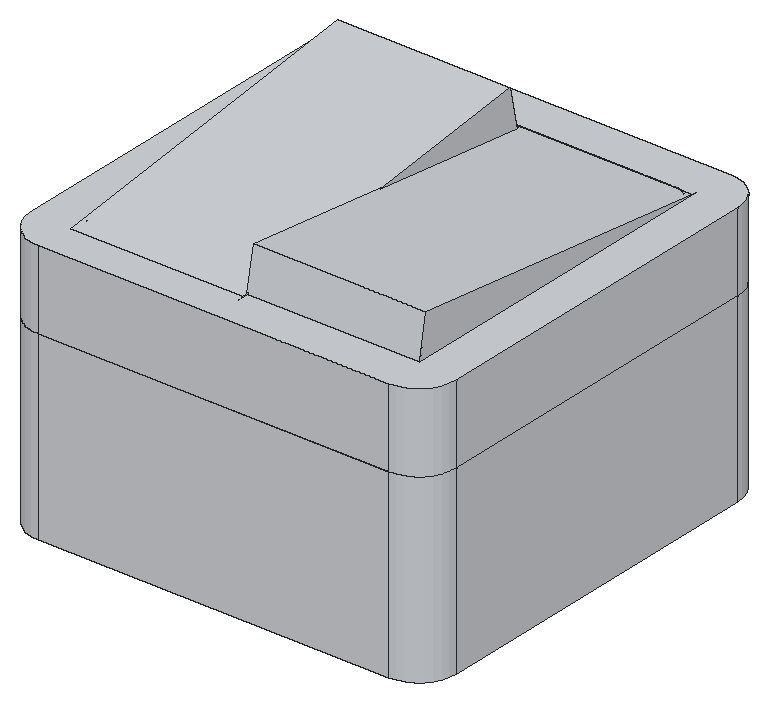
Revit family "ElectricalFixture_Hager_IP66WallSwitches", category Lighting Fixtures, host Face, Revit 2015
Parameters (values of type "WXPPS22")
  _DistributedBy = "www.bimstore.co.uk"
  _CurrentRevision = 0
  _CreatedBy = "MajentaSolutions"
  _BimstoreBibleVersion = "V14"
  _BimSpecGuid = 0
  _Author = "MajentaSolutions"
  WarrantyStartDate [instance] = ""
  WarrantyGuarantorParts = "10"
  WarrantyGuarantorLabor = ""
  WarrantyDurationUnit = "Years"
  WarrantyDurationParts = 10
  WarrantyDurationLabor = 0
  WarrantyDescription = "See Manufacturer"
  Voltage = "230V/240V"
  URL = "http://www.hager.co.uk/"
  TypeName = "ElectricalFixture_IP66WallSwitches_WXPPS12"
  Type Comments = Model  # "WXPPS22"
  Two Way = yes
  TagNumber [instance] = ""
  Switch Width = 0 mm
  Switch Height = 0 mm
  Switch Distance From Right [instance] = 18 mm
  Switch = yes
  SustainabilityPerformance = ""
  Supply Phase = "1"
  Size = ""
  Shape = "Rectangular"
  ServiceLifeDuration = 0
  SerialNumber [instance] = EAN  # "3250617260053"
  ReplacementCost = 0
  One Way = no
  NominalWidth = 64.09 mm
  NominalLength = 90 mm
  NominalHeight = 90 mm
  NominalDepth = Extrusion From Wall + Back Plate Depth  # 55.499 mm
  NBSReference = ClassificationValue  # "Pr_65_72_97"
  NBSOfficeMasterTag = "n/a"
  NBSObjectName = "Hager_IP66WallSwitches_WXPPS22"
  NBSNote = ""
  NBSDescription = Category  # "ElectricalFixture"
  ModelReference = Model  # "WXPPS22"
  ModelNumber = Model  # "WXPPS22"
  ModelLabel = ""
  Model = "WXPPS22"
  Material = "Urea Formaldehyde Thermoset Plastic"
  ManufacturerName = "Hager"
  Manufacturer = "Hager"
  LED Indicator Switch = no
  Keynote = "16400"
  InstallationDate [instance] = ""
  IfcExportType = "ElectricalFixture"
  IfcExportAs = "ElectricalFixture"
  Grade = ""
  Frequency = "50/60Hz"
  Finish = ""
  Features = Description  # "IP6610AX2Gang2WaySwitch"
  Extrusion From Wall = 16.6 mm
  ExpectedLife = 25
  EAN = "3250617260053"
  DurationUnit = "Years"
  DocumentationTechnical = "http://www.hager.co.uk/product-catalogue/energy-distribution/consumer-units/design-range-of-consumer-units/design-30/51045.htm"
  DocumentationMaintenance = ""
  DocumentationLiterature = "http://www.hager.co.uk/product-catalogue/wiring-accessories/sollysta/38662.htm"
  DocumentationInstallationGuide = ""
  DocumentationCertificates = "http://www.hager.co.uk/product-catalogue/wiring-accessories/sollysta/38662.htm"
  Description = "IP6610AX2Gang2WaySwitch"
  Default Elevation = 500 mm
  CreatedOn = "12.06.17"
  CreatedBy = "MajentaSolutions"
  Constituents = ""
  Colour = "RAL9010WhiteGloss"
  CodePerformance = ""
  ClassificationValue = "Pr_65_72_97"
  ClassificationName = "Uniclass2015"
  Category = "ElectricalFixture"
  BarCode [instance] = ""
  Back Plate Width = 90 mm
  Back Plate Height = 90 mm
  Back Plate Depth = 38.899 mm
  BIMObjectName = "Hager_ElectricalFixture_WXPPS22"
  AssetType = "Fixed"
  AssetIdentifier [instance] = ""
  Assembly Code = ""
  AccessibilityPerformance = ""
  2 Gang = yes
  1Gang = no
Types (4, lengths in mm): name | TypeName | Type Comments | Two Way | SerialNumber | One Way | NBSObjectName | ModelReference | ModelNumber | Model | LED Indicator Switch | Features | EAN | Description | BIMObjectName | 2 Gang | 1Gang
  WXPPS12 | "ElectricalFixture_IP66WallSwitches_WXPPS12" | "WXPPS12" | yes | "3250617260039" | no | "Hager_IP66WallSwitches_WXPPS12" | "WXPPS12" | "WXPPS12" | "WXPPS12" | no | "IP6610AX1Gang2WaySwitch" | "3250617260039" | "IP6610AX1Gang2WaySwitch" | "Hager_ElectricalFixture_WXPPS12" | no | yes
  WXPPS22 | "ElectricalFixture_IP66WallSwitches_WXPPS12" | "WXPPS22" | yes | "3250617260053" | no | "Hager_IP66WallSwitches_WXPPS22" | "WXPPS22" | "WXPPS22" | "WXPPS22" | no | "IP6610AX2Gang2WaySwitch" | "3250617260053" | "IP6610AX2Gang2WaySwitch" | "Hager_ElectricalFixture_WXPPS22" | yes | no
  WXPPS12B | "ElectricalFixture_IP66WallSwitches_WXPPS12B" | "WXPPS12B" | yes | "3250617260039" | no | "Hager_IP66WallSwitches_WXPPS12B" | "WXPPS12B" | "WXPPS12B" | "WXPPS12B" | no | "IP6610AX1GangPressBellSwitch" | "3250617260039" | "IP6610AX1GangPressBellSwitch" | "Hager_ElectricalFixture_WXPPS12B" | no | yes
  WXPDP84 | "ElectricalFixture_IP66WallSwitches_WXPDP84" | "WXPDP84" | no | "3250617260008" | yes | "Hager_IP66WallSwitches_WXPDP84" | "WXPDP84" | "WXPDP84" | "WXPDP84" | yes | "IP6620A1Gang1WayDoublePoleSwitch" | "3250617260008" | "IP6620A1Gang1WayDoublePoleSwitch" | "Hager_ElectricalFixture_WXPDP84" | no | yes
Reference planes
  plane 1 "Center (Front/Back)": y = 0
  plane 2: z = 0
  plane 3 "Center (Left/Right)": x = 0
  plane 4: y = 45.6
  plane 5: y = -44.4
  plane 6: z = 0
  plane 7: z = 0
  plane 8: x = -45
  plane 9: x = 45
  plane 10: x = -36.3
  plane 11: y = 36.661
  plane 12: x = 36.3
  plane 13: y = -35.611
  plane 14: z = -39
  plane 15: z = -0.101
  plane 16: z = 16.499
  plane 17: z = 25.09
  plane 18: z = -39
Forms (mm)
  Extrusion 1, solid
    sketch origin (0, 0, 0) x (1, 0, 0) y (0, 1, 0)
      loop
        line (-45, 37.569) -> (-45, -36.258)
        arc (-45, -36.258) -> (-42.615, -42.015) -> (-36.858, -44.4) r 8.142
        line (-36.858, -44.4) -> (37.092, -44.4)
        arc (37.092, -44.4) -> (42.684, -42.084) -> (45, -36.492) r 7.908
        line (45, -36.492) -> (45, 37.624)
        arc (45, 37.624) -> (42.664, 43.264) -> (37.024, 45.6) r 7.976
        line (37.024, 45.6) -> (-36.969, 45.6)
        arc (-36.969, 45.6) -> (-42.648, 43.248) -> (-45, 37.569) r 8.031
    from -39 to -0.101
  Extrusion 2, solid, detail levels fine
    sketch origin (0, 0, 500) x (0, -1, 0) y (-1, 0, 0)
      loop
        arc (-37.569, 45) -> (-43.248, 42.648) -> (-45.6, 36.969) r 8.031
        line (-45.6, 36.969) -> (-45.6, -37.024)
        arc (-45.6, -37.024) -> (-43.264, -42.664) -> (-37.624, -45) r 7.976
        line (-37.624, -45) -> (36.492, -45)
        arc (36.492, -45) -> (42.084, -42.684) -> (44.4, -37.092) r 7.908
        line (44.4, -37.092) -> (44.4, 36.858)
        arc (44.4, 36.858) -> (42.015, 42.615) -> (36.258, 45) r 8.142
        line (36.258, 45) -> (-37.569, 45)
      loop
        arc (-36.661, -32.434) -> (-35.529, -35.168) -> (-32.795, -36.3) r 3.866
        line (-32.795, -36.3) -> (30.998, -36.3)
        arc (30.998, -36.3) -> (34.26, -34.949) -> (35.611, -31.686) r 4.614
        line (35.611, -31.686) -> (35.611, 31.737)
        arc (35.611, 31.737) -> (34.275, 34.964) -> (31.048, 36.3) r 4.563
        line (31.048, 36.3) -> (-32.892, 36.3)
        arc (-32.892, 36.3) -> (-35.557, 35.196) -> (-36.661, 32.531) r 3.769
        line (-36.661, 32.531) -> (-36.661, -32.434)
    from 483.501 to 500.101
  Extrusion 3, solid, visible <- "1Gang", detail levels fine
    sketch origin (0, 0, 0) x (0, 1, 0) y (0, 0, 1)
      loop
        line (39.278, 16.155) -> (-33.658, 25.11) -> (-35.745, 15.292) -> (37.191, 6.336) -> (39.278, 16.155)
    from -36.3 to 36.3
  Extrusion 4, solid, visible <- "2 Gang", detail levels fine
    sketch origin (-90, 0, 0) x (0, 1, 0) y (0, 0, -1)
      loop
        line (39.278, -16.155) -> (37.191, -6.336) -> (-35.745, -15.292) -> (-33.658, -25.11) -> (39.278, -16.155)
    from -126.3 to -90
  Extrusion 5, solid, visible <- "2 Gang", detail levels fine
    sketch origin (90, 0, 0) x (0, -1, 0) y (0, 0, -1)
      loop
        line (39.278, -16.155) -> (37.191, -6.336) -> (-35.745, -15.292) -> (-33.658, -25.11) -> (39.278, -16.155)
    from -126.3 to -90
  Extrusion 6, solid, detail levels medium
    sketch origin (0, 0, 0) x (1, 0, 0) y (0, 1, 0)
      loop
        line (-45, 45.6) -> (-45, -44.4) -> (45, -44.4) -> (45, 45.6) -> (-45, 45.6)
    from -39 to 25.09
Lines and regions (mm)
  symbolic lines, visible <- "Two Way", not visible, detail levels coarse
    curve 1: line (7.461, 0, 21.368) -> (-7.539, 0, 21.368)
    curve 2: line (-7.539, 0, 21.368) -> (7.461, 0, 41.274)
    curve 3: arc (7.461, 0, 41.274) -> (-0.039, 0, 48.774) -> (-7.539, 0, 41.274) r 7.5
  symbolic lines, not visible, detail levels coarse
    curve 4: circle (-22.767, 0, 31.306) r 10.367 normal (0, -1, 0)
    curve 5: line (-12.4, 0, 31.306) -> (32.6, 0, 31.306)
  symbolic lines, detail levels coarse
    curve 6: circle (22.767, 0, 31.306) r 10.367 normal (0, 1, 0)
    curve 7: line (12.4, 0, 31.306) -> (-32.6, 0, 31.306)
  symbolic lines, visible <- "Two Way", detail levels coarse
    curve 8: line (-7.461, 0, 21.368) -> (7.539, 0, 21.368)
    curve 9: line (7.539, 0, 21.368) -> (-7.461, 0, 41.274)
    curve 10: arc (-7.461, 0, 41.274) -> (0.039, 0, 48.774) -> (7.539, 0, 41.274) r 7.5
  model lines
    curve 11: line (-45, 37.569, 0) -> (-45, -36.258, 0)
    curve 12: arc (-45, -36.258, 0) -> (-42.615, -42.015, 0) -> (-36.858, -44.4, 0) r 8.142
    curve 13: line (-36.858, -44.4, 0) -> (37.092, -44.4, 0)
    curve 14: arc (37.092, -44.4, 0) -> (42.684, -42.084, 0) -> (45, -36.492, 0) r 7.908
    curve 15: line (45, -36.492, 0) -> (45, 37.624, 0)
    curve 16: arc (45, 37.624, 0) -> (42.664, 43.264, 0) -> (37.024, 45.6, 0) r 7.976
    curve 17: line (37.024, 45.6, 0) -> (-36.969, 45.6, 0)
    curve 18: arc (-36.969, 45.6, 0) -> (-42.648, 43.248, 0) -> (-45, 37.569, 0) r 8.031
    curve 19: line (31.686, -35.611, 0) -> (-31.737, -35.611, 0)
    curve 20: arc (-31.737, -35.611, 0) -> (-34.964, -34.275, 0) -> (-36.3, -31.048, 0) r 4.563
    curve 21: line (-36.3, -31.048, 0) -> (-36.3, 32.892, 0)
    curve 22: arc (-36.3, 32.892, 0) -> (-35.196, 35.557, 0) -> (-32.531, 36.661, 0) r 3.769
    curve 23: line (-32.531, 36.661, 0) -> (32.434, 36.661, 0)
    curve 24: arc (32.434, 36.661, 0) -> (35.168, 35.529, 0) -> (36.3, 32.795, 0) r 3.866
    curve 25: line (36.3, 32.795, 0) -> (36.3, -30.998, 0)
    curve 26: arc (36.3, -30.998, 0) -> (34.949, -34.26, 0) -> (31.686, -35.611, 0) r 4.614
  model lines, visible <- "2 Gang"
    curve 27: line (0, 39.278, 0) -> (0, -35.611, 0)
Dimensions and locks
  "NominalHeight": plane 4 to plane 5
  equal spacing: plane 8, plane 3 "Center (Left/Right)", plane 9
  "NominalLength": plane 8 to plane 9
  "Back Plate Depth": plane 15 to plane 14
  "Extrusion From Wall": plane 16 to plane 15
  "NominalWidth": plane 17 to plane 14
  plane 7 to plane 14 = 39 mm
  aligned and locked: plane 2 to host face
  aligned and locked: level to host face
  aligned and locked: Extrusion 1 sketch curve to plane 8
  aligned and locked: Extrusion 1 sketch curve to plane 5
  aligned and locked: Extrusion 1 sketch curve to plane 9
  aligned and locked: Extrusion 1 sketch curve to plane 4
  aligned and locked: Extrusion 2 sketch curve to plane 8
  aligned and locked: Extrusion 2 sketch curve to plane 10
  aligned and locked: Extrusion 2 sketch curve to plane 11
  aligned and locked: Extrusion 2 sketch curve to plane 4
  aligned and locked: Extrusion 2 sketch curve to plane 9
  aligned and locked: Extrusion 2 sketch curve to plane 12
  aligned and locked: Extrusion 2 sketch curve to plane 5
  aligned and locked: Extrusion 2 sketch curve to plane 13
  aligned and locked: plane 14 to Extrusion 1
  aligned and locked: plane 15 to Extrusion 2
  aligned and locked: Extrusion 1 to plane 15
  aligned and locked: Extrusion 2 to plane 16
  aligned and locked: Extrusion 3 to plane 10
  aligned and locked: Extrusion 3 to plane 12
  aligned and locked: Extrusion 4 to plane 12
  aligned and locked: Extrusion 4 to plane 3 "Center (Left/Right)"
  aligned and locked: curve 11 to Extrusion 2
  aligned and locked: curve 13 to Extrusion 2
  aligned and locked: curve 15 to Extrusion 2
  aligned and locked: curve 17 to Extrusion 2
  aligned and locked: curve 19 to Extrusion 2
  aligned and locked: curve 21 to Extrusion 2
  aligned and locked: curve 23 to Extrusion 2
  aligned and locked: curve 25 to Extrusion 2
  aligned and locked: Extrusion 6 sketch curve to plane 8
  aligned and locked: Extrusion 6 sketch curve to plane 5
  aligned and locked: Extrusion 6 sketch curve to plane 9
  aligned and locked: Extrusion 6 sketch curve to plane 4
  aligned and locked: Extrusion 6 to plane 17
  aligned and locked: Extrusion 6 to Extrusion 1
Automatic sketch dimensions
  host sketch curve to host sketch curve = 2438.4 mm  (x2)
  Extrusion 1 sketch curve to plane 10 = 0.669 mm
  Extrusion 1 sketch curve to plane 10 = 0.558 mm
  Extrusion 1 sketch curve to plane 12 = 0.724 mm
  Extrusion 1 sketch curve to plane 12 = 0.792 mm
  Extrusion 2 sketch curve to plane 11 = 0.963 mm
  Extrusion 2 sketch curve to plane 11 = 0.908 mm
  Extrusion 2 sketch curve to Extrusion 2 sketch curve = 3.769 mm
  Extrusion 2 sketch curve to Extrusion 2 sketch curve = 3.866 mm
  plane 13 to Extrusion 2 sketch curve = 4.614 mm
  plane 13 to Extrusion 2 sketch curve = 4.563 mm
  Extrusion 2 sketch curve to plane 13 = 0.647 mm
  Extrusion 2 sketch curve to plane 12 = 0.792 mm
  Extrusion 3 sketch curve to plane 13 = 0.134 mm
  Extrusion 3 sketch curve to plane 17 = 0.021 mm
  plane 13 to Extrusion 3 sketch curve = 1.953 mm
  Extrusion 3 sketch curve to plane 11 = 0.53 mm
  plane 16 to Extrusion 3 sketch curve = 0.344 mm
  Extrusion 3 sketch curve to plane 11 = 2.617 mm
  plane 16 to Extrusion 3 sketch curve = 1.207 mm
  level to Extrusion 3 sketch curve = 6.336 mm
  Extrusion 4 sketch curve to plane 13 = 0.134 mm
  Extrusion 4 sketch curve to plane 17 = 0.021 mm
  plane 13 to Extrusion 4 sketch curve = 1.953 mm
  Extrusion 4 sketch curve to plane 11 = 0.53 mm
  plane 16 to Extrusion 4 sketch curve = 0.344 mm
  Extrusion 4 sketch curve to plane 11 = 2.617 mm
  plane 16 to Extrusion 4 sketch curve = 1.207 mm
  level to Extrusion 4 sketch curve = 6.336 mm
  plane 11 to Extrusion 5 sketch curve = 0.916 mm
  Extrusion 5 sketch curve to plane 17 = 0.021 mm
  plane 11 to Extrusion 5 sketch curve = 3.003 mm
  Extrusion 5 sketch curve to plane 13 = 1.58 mm
  plane 16 to Extrusion 5 sketch curve = 0.344 mm
  Extrusion 5 sketch curve to plane 13 = 3.667 mm
  plane 16 to Extrusion 5 sketch curve = 1.207 mm
  level to Extrusion 5 sketch curve = 6.336 mm
  curve 18 to plane 10 = 0.669 mm
  curve 13 to plane 10 = 0.558 mm
  curve 17 to plane 12 = 0.724 mm
  curve 14 to plane 12 = 0.792 mm
  curve 21 to curve 22 = 3.769 mm
  curve 21 to curve 20 = 4.563 mm
  plane 12 to curve 19 = 4.614 mm
  plane 11 to curve 24 = 3.866 mm
  curve 27 to plane 3 "Center (Left/Right)" = 0 mm
  curve 27 to plane 11 = 2.617 mm
Connectors
  electrical at (0.036, 0.605, -39)
    settings: on Extrusion 1, index 1, voltage 230 V, apparent load 0 VA, apparent load phase1 0 VA, apparent load phase2 0 VA, apparent load phase3 0 VA, power factor 1, load classification "Other", number of poles 1, system type 31, power factor state 1, is connector primary yes, connector utility no, sub classification motor no, connector description ""
